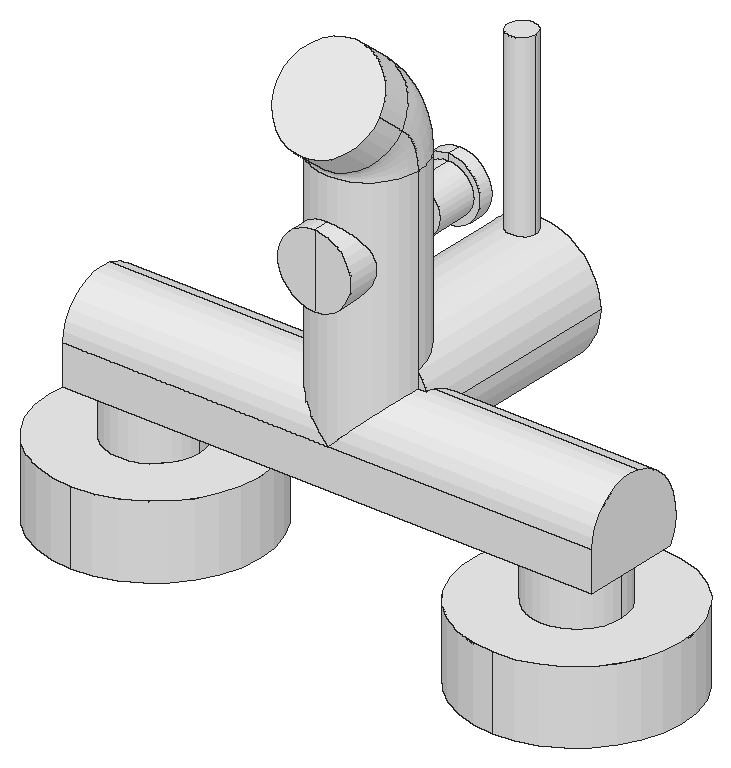
Revit family "Bath&ShowerMixer_(Built-in)_Vitra_MinimaxSSeries_A41994", category Plumbing Fixtures, host Face, Revit 2017
Family settings
  Host = Face
  Round Connector Dimension = Use Diameter
  Part Type = Normal
  OmniClass Number = 23.45.55.17
  OmniClass Title = Mixing Faucets
  Cut with Voids When Loaded = No
  Shared = Yes
  Room Calculation Point = No
Parameters (values of type "Bath&ShowerMixer-Vitra-MinimaxS Series-A41994")
  Youtube = "https://www.youtube.com/user/VitrAglobal"
  Weight Net (kg) = "1.83"
  Waste Connection = no
  Warranty Period (Year) = "10 Years"
  Vent Connection = no
  Uniformat II Description = "Plumbing Fixture"
  Uniformat II Code = "22 40 00"
  Uniclass 2015 Name = "Bath taps"
  Uniclass 2015 Code = "Pr_40_20_87_09"
  Uniclass 2.0 Description = "Bath taps"
  Uniclass 2.0 Code = "Pr_40_20_87_09"
  Uniclass 1.4 Description = "Mixer taps"
  Uniclass 1.4 Code = "L725111"
  URL = "https://vitraglobal.com/"
  UNSPSC Description = ""
  UNSPSC Code = ""
  Test Pressure = "16 bar"
  Technical description = "https://www.vitraglobal.com/faucets-shower-systems-accessories/faucets/bath/shower-mixers/minimax-s-bath/shower-mixer-sku-a41994exp/print"
  Tap hole Options (default) = ""
  Specification = ""
  Region South America = "All"
  Region Oceania = "All"
  Region North America = "All"
  Region Middle East = "All"
  Region Europe = "All"
  Region Asia = "All"
  Region Antarctica = "All"
  Region Africa = "All"
  Range of flow pressure = "1 - 5 bar"
  Range of Hot Water Supply = "5 - 65 °C"
  Product url = ""
  Product manual = ""
  Product group = "Minimax S Bath&Shower Mixer"
  Product family = "Minimax S"
  Product data url = "https://www.vitraglobal.com/faucets-shower-systems-accessories/faucets/bath/shower-mixers/minimax-s-bath/shower-mixer-sku-a41994exp"
  Product certification = "https://www.vitraglobal.com/brochures/"
  Product Type = "Bath&Shower Mixer"
  Product SKU = "A41994"
  Product Properties = "Energy Saving"
  Product Guid = "https://cdn.vitra.com.tr/501-A41994EXP-KK.pdf"
  OmniClass Description = "Mixing Faucets"
  OmniClass Code = "23.45.55.17"
  Number Of Connections = "2"
  Nominal Width (mm) = 225 mm
  Nominal Height (mm) = 140 mm
  Nominal Depth (mm) = 180 mm
  NBS Referans Description = "Water supply fittings for baths"
  NBS Referans Code = "45-35-70/315"
  Mounting type = "Wall Mounted"
  Model = "A41994"
  Min. flow pressure of = "0.5 bar"
  Masterformat 2014 Description = "Plumbing Fixtures"
  Masterformat 2014 Code = "22 40 00"
  Manufacturer name = "Vitra"
  Manufacturer = "Vitra"
  Main Material = "Brass"
  Installation instructions = "https://cdn.vitra.com.tr/501-A41994EXP-MD.pdf"
  IFC Classification = "Sanitary Terminal"
  Hot Water temperature, factory set to = "38 °C"
  Hot Water Supply (max.) = "80 °C"
  Help = ""
  HW Connection = yes
  GTIP code = ""
  Flow Rate(L/min. - 3 bar) = ""
  Features = ""
  EAN code = ""
  Design country = "Turkey"
  Description = "Minimax S MC Bath / Shower filler mixer - C2 BlueStep cartridge"
  Default Elevation = 850 mm
  Connection Diameter (mm) = 15 mm
  Color = "Chrome"
  Coating Material = Chrome
  Calculated flow = ""
  CW Connection = yes
  COBIe Type Category = ""
  Brand = "Artema"
  BIMobject category = "Bath/Shower Mixer"
  Article No. (default) = "A41994"
  Approvals = ""
  ApplicationType = ""
  Accessories (default) = ""
Types (8, lengths in mm): name | Warranty Period (Year) | Technical description | Product data url | Product SKU | Model | Brand | Article No. (default)
  Bath&ShowerMixer-Vitra-MinimaxS Series-A41994WSA | "7 Years" | "https://www.vitraglobal.com/faucets-shower-systems-accessories/faucets/bath/shower-mixers/minimax-s-bath/shower-mixer-sku-a41994exp/print" | "https://www.vitraglobal.com/faucets-shower-systems-accessories/faucets/bath/shower-mixers/minimax-s-bath/shower-mixer-sku-a41994exp" | "A41994WSA" | "A41994WSA" | "Vitra" | "A41994WSA"
  Bath&ShowerMixer-Vitra-MinimaxS Series-A41994TES | "7 Years" | "https://www.vitraglobal.com/faucets-shower-systems-accessories/faucets/bath/shower-mixers/minimax-s-bath/shower-mixer-sku-a41994exp/print" | "https://www.vitraglobal.com/faucets-shower-systems-accessories/faucets/bath/shower-mixers/minimax-s-bath/shower-mixer-sku-a41994exp" | "A41994TES" | "A41994TES" | "Vitra" | "A41994TES"
  Bath&ShowerMixer-Vitra-MinimaxS Series-A41994INV | "7 Years" | "https://www.vitraglobal.com/faucets-shower-systems-accessories/faucets/bath/shower-mixers/minimax-s-bath/shower-mixer-sku-a41994exp/print" | "https://www.vitraglobal.com/faucets-shower-systems-accessories/faucets/bath/shower-mixers/minimax-s-bath/shower-mixer-sku-a41994exp" | "A41994INV" | "A41994INV" | "Vitra" | "A41994INV"
  Bath&ShowerMixer-Vitra-MinimaxS Series-A41994EXP | "7 Years" | "https://www.vitraglobal.com/faucets-shower-systems-accessories/faucets/bath/shower-mixers/minimax-s-bath/shower-mixer-sku-a41994exp/print" | "https://www.vitraglobal.com/faucets-shower-systems-accessories/faucets/bath/shower-mixers/minimax-s-bath/shower-mixer-sku-a41994exp" | "A41994EXP" | "A41994EXP" | "Vitra" | "A41994EXP"
  Bath&ShowerMixer-Vitra-MinimaxS Series-A41994ENR | "10 Years" | "https://www.vitraglobal.com/faucets-shower-systems-accessories/faucets/bath/shower-mixers/minimax-s-bath/shower-mixer-sku-a41994exp/print" | "https://www.vitraglobal.com/faucets-shower-systems-accessories/faucets/bath/shower-mixers/minimax-s-bath/shower-mixer-sku-a41994exp" | "A41994ENR" | "A41994ENR" | "Artema" | "A41994ENR"
  Bath&ShowerMixer-Vitra-MinimaxS Series-A41994EKM | "7 Years" | "https://www.vitraglobal.com/faucets-shower-systems-accessories/faucets/bath/shower-mixers/minimax-s-bath/shower-mixer-sku-a41994exp/print" | "https://www.vitraglobal.com/faucets-shower-systems-accessories/faucets/bath/shower-mixers/minimax-s-bath/shower-mixer-sku-a41994exp" | "A41994EKM" | "A41994EKM" | "Vitra" | "A41994EKM"
  Bath&ShowerMixer-Vitra-MinimaxS Series-A41994EKF | "7 Years" | "https://cdn.vitra.com.tr/501-A41994EKF-2A.jpg" | "https://www.vitra-bad.fr/fr/produits-sanitaires/page-de-detail/product/minimax-s-mitigeur-mc-de-remplissage-baignoire-douche-cartouche-c2-bluestep.html" | "A41994EKF" | "A41994EKF" | "Vitra" | "A41994EKF"
  Bath&ShowerMixer-Vitra-MinimaxS Series-A41994 | "10 Years" | "https://www.vitraglobal.com/faucets-shower-systems-accessories/faucets/bath/shower-mixers/minimax-s-bath/shower-mixer-sku-a41994exp/print" | "https://www.vitraglobal.com/faucets-shower-systems-accessories/faucets/bath/shower-mixers/minimax-s-bath/shower-mixer-sku-a41994exp" | "A41994" | "A41994" | "Artema" | "A41994"
Reference planes
  plane 1 "Center (Front/Back)": y = 0
  plane 2: z = 0
  plane 3 "Center (Left/Right)": x = 0
  plane 4: y = 102.5
  plane 5: y = -37.5
  plane 6: x = 112.5
  plane 7: x = -112.5
  plane 8: z = 180
Forms (mm)
  Extrusion 1, solid, detail levels coarse
    sketch origin (0, 0, 0) x (1, 0, 0) y (0, 1, 0)
      loop
        line (112.5, 102.5) -> (-112.5, 102.5) -> (-112.5, -37.5) -> (112.5, -37.5) -> (112.5, 102.5)
    from 0 to 180
  Extrusion 2, solid, material "Chrome" <- "Coating Material", detail levels medium+fine
    sketch origin (0, 0, 0) x (1, 0, 0) y (0, 1, 0)
      loop
        circle (75, 0) r 37.5
      loop
        circle (-75, 0) r 37.5
    from 0 to 26
  Extrusion 3, solid, material "Chrome" <- "Coating Material", detail levels medium+fine
    sketch origin (0, 0, 0) x (1, 0, 0) y (0, 1, 0)
      loop
        circle (-75, 0) r 16
      loop
        circle (75, 0) r 16
    from 26 to 42.3
  Extrusion 4, solid, material "Chrome" <- "Coating Material", detail levels medium+fine
    sketch origin (0, 0, 0) x (0, 1, 0) y (0, 0, 1)
      loop
        arc (17.676, 42.3) -> (18.314, 60.97) -> (3.825, 72.762) r 21
        arc (3.825, 72.762) -> (-10.582, 69.502) -> (-17, 56.197) r 17
        line (-17, 56.197) -> (-17, 42.3) -> (17.676, 42.3)
    from -94 to 94
  Extrusion 5, solid, material "Chrome" <- "Coating Material", detail levels medium+fine
    sketch origin (25.85, 76.764, 66.35) x (1, 0, 0) y (0, 0, -1)
      loop
        circle (-25.8, 0) r 22
    from 0 to -76.023
  Extrusion 6, solid, material "Chrome" <- "Coating Material", detail levels medium+fine
    sketch origin (0.05, 63.864, 151.35) x (0, -1, 0) y (1, 0, 0)
      loop
        circle (-5.4, 0) r 5
    from 0 to -85
  Revolve 7, solid, material "Chrome" <- "Coating Material", detail levels medium+fine
    sketch origin (0, 0, 0) x (0, 1, 0) y (0, 0, 1)
      loop
        line (41.743, 114.8) -> (41.743, 126.05) -> (36.743, 126.05) -> (36.743, 123.689) -> (22.1, 123.689) -> (22.1, 120.5) -> (4.157, 120.5) -> (4.157, 127.8) -> (-22.796, 127.8) -> (-22.796, 114.8) -> (41.743, 114.8)
      axis (-22.796, 114.8) -> (41.743, 114.8)
    angle from 0 to 360
  Sweep 8, solid, material "Chrome" <- "Coating Material", detail levels medium+fine
    path origin (0, 0, 0) x (0, 1, 0) y (0, 0, 1)
      loop
        line (1, 52.474) -> (1, 142.474)
        arc (1, 142.474) -> (-0.968, 151.349) -> (-6.501, 158.561) r 21
        line (-6.501, 158.561) -> (-16.458, 166.915)
    profile origin (0, 1, 97.474) x (0, -1, 0) y (1, 0, 0)
      loop
        circle (0, 0) r 18
Cuts and joins
  joined: Extrusion 2, Extrusion 3, Extrusion 4, Extrusion 5, Extrusion 6, Revolve 7, Sweep 8
Dimensions and locks
  "Nominal Height (mm)": plane 4 to plane 5
  "Nominal Width (mm)": plane 7 to plane 6
  "Nominal Depth (mm)": plane 8 to host face
  aligned and locked: plane 2 to host face
  aligned and locked: level to host face
Automatic sketch dimensions
  host sketch curve to host sketch curve = 2438.4 mm  (x2)
  Extrusion 1 sketch curve to plane 4 = 0 mm
  Extrusion 1 sketch curve to plane 7 = 0 mm
  Extrusion 1 sketch curve to plane 5 = 0 mm
  Extrusion 1 sketch curve to plane 6 = 0 mm
  Extrusion 2 sketch curve to plane 5 = 0 mm  (x2)
  plane 1 "Center (Front/Back)" to Extrusion 2 sketch curve = 0 mm  (x2)
  plane 6 to Extrusion 2 sketch curve = 37.5 mm
  Extrusion 2 sketch curve to Extrusion 2 sketch curve = 0 mm  (x2)
  Extrusion 2 sketch curve to plane 7 = 37.5 mm
  plane 1 "Center (Front/Back)" to Extrusion 3 sketch curve = 0 mm  (x2)
  Extrusion 3 sketch curve to plane 7 = 37.5 mm
  Extrusion 3 sketch curve to Extrusion 3 sketch curve = 16 mm  (x2)
  Extrusion 3 sketch curve to Extrusion 3 sketch curve = 0 mm  (x2)
  plane 6 to Extrusion 3 sketch curve = 37.5 mm
  Extrusion 4 sketch curve to plane 1 "Center (Front/Back)" = 0 mm
  plane 1 "Center (Front/Back)" to Extrusion 4 sketch curve = 0.803 mm
  Extrusion 4 sketch curve to Extrusion 4 sketch curve = 16.197 mm
  level to Extrusion 4 sketch curve = 52.278 mm
  Extrusion 4 sketch curve to Extrusion 4 sketch curve = 3.92 mm
  Extrusion 4 sketch curve to plane 1 "Center (Front/Back)" = 3.825 mm
  Extrusion 4 sketch curve to plane 1 "Center (Front/Back)" = 17.676 mm
  plane 5 to Revolve 7 sketch curve = 14.704 mm
  Revolve 7 sketch curve to plane 1 "Center (Front/Back)" = 4.157 mm  (x2)
  Revolve 7 sketch curve to Revolve 7 sketch curve = 17.943 mm
  Revolve 7 sketch curve to Revolve 7 sketch curve = 14.643 mm
  Revolve 7 sketch curve to Revolve 7 sketch curve = 5 mm
  Revolve 7 sketch curve to plane 8 = 65.2 mm
  Revolve 7 sketch curve to Revolve 7 sketch curve = 5.7 mm  (x2)
  Revolve 7 sketch curve to Revolve 7 sketch curve = 3.189 mm
  Revolve 7 sketch curve to Revolve 7 sketch curve = 2.361 mm
  Revolve 7 sketch curve to Revolve 7 sketch curve = 7.3 mm
  Revolve 7 sketch curve to Revolve 7 sketch curve = 7.586 mm
  plane 5 to Sweep 8 sketch curve = 17.5 mm
  plane 1 "Center (Front/Back)" to Sweep 8 sketch curve = 6.501 mm
  Sweep 8 sketch curve to plane 1 "Center (Front/Back)" = 1 mm
  Sweep 8 sketch curve to plane 8 = 37.526 mm
  Sweep 8 sketch curve to Sweep 8 sketch curve = 9.956 mm
  level to Sweep 8 sketch curve = 52.474 mm
  Sweep 8 sketch curve to Sweep 8 sketch curve = 8.354 mm
  Sweep 8 sketch curve to Sweep 8 sketch curve = 0 mm  (x2)
  Sweep 8 sketch curve to profile plane = 0 mm
  Sweep 8 sketch curve to plane 3 "Center (Left/Right)" = 0 mm
  Sweep 8 sketch curve to plane 3 "Center (Left/Right)" = 18 mm
  Extrusion 5 sketch curve to Extrusion 5 sketch curve = 0 mm  (x2)
  plane 3 "Center (Left/Right)" to Extrusion 5 sketch curve = 0.05 mm
  level to Extrusion 5 sketch curve = 66.35 mm
  Extrusion 5 sketch curve to plane 3 "Center (Left/Right)" = 21.95 mm
  Extrusion 6 sketch curve to Extrusion 6 sketch curve = 0 mm  (x2)
  plane 3 "Center (Left/Right)" to Extrusion 6 sketch curve = 0.05 mm
  Extrusion 6 sketch curve to plane 4 = 33.236 mm
  Extrusion 6 sketch curve to plane 3 "Center (Left/Right)" = 4.95 mm
Connectors
  piping at (75, 0, 0), diameter 15, driven by "Connection Diameter (mm)", driven by "CW Connection"
    settings: on cut or joined group of Extrusion 2, Extrusion 3, Extrusion 4, Extrusion 5, Extrusion 6, Revolve 7, Sweep 8, index 1, connector inside diameter 609.6 mm, connector length 0 mm, flow factor 0, pipe flow 0.0 L/s, pressure drop 0.0 Pa, fitting loss kfactor 0, connector angle 0.00°, fixture units 0, engagement length 0 mm, angle of deflection 0.00°, flow configuration 0, flow direction 1, fitting loss method 0, system type 20, joint type 0, gender type 0, connector reference index -1, connector utility 1, adjustable connector no, is connector primary yes, connector description ""
  piping at (-75, 0, 0), diameter 15, driven by "Connection Diameter (mm)", driven by "HW Connection"
    settings: on cut or joined group of Extrusion 2, Extrusion 3, Extrusion 4, Extrusion 5, Extrusion 6, Revolve 7, Sweep 8, index 2, connector inside diameter 609.6 mm, connector length 0 mm, flow factor 0, pipe flow 0.0 L/s, pressure drop 0.0 Pa, fitting loss kfactor 0, connector angle 0.00°, fixture units 0, engagement length 0 mm, angle of deflection 0.00°, flow configuration 0, flow direction 1, fitting loss method 0, system type 19, joint type 0, gender type 0, connector reference index -1, connector utility 1, adjustable connector no, is connector primary no, connector description ""
